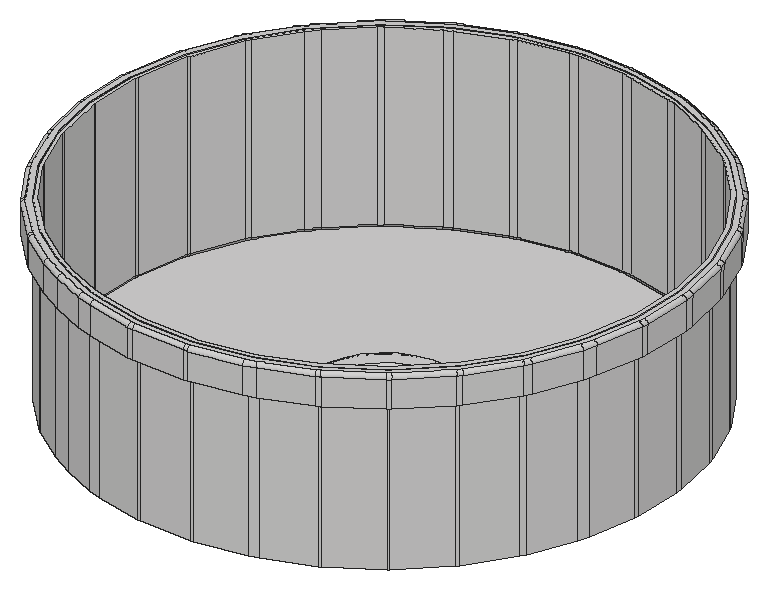
Revit family "Sink-Top_Mount-Kitchen-KOHLER-Brinx-K-3674_1", category Plumbing Fixtures, host Face, Revit 2021 (continued)
Definition of nested family "K-3674"
  Lines and regions (in)
    symbolic lines, detail levels medium+fine
      curve 118: line (0, -6.89537, 0.51345) -> (0, -6.89537, 5.33071)
      curve 119: line (0, -5.69986, 5.33071) -> (0, -5.69986, 0.51345)
      curve 120: line (0, -5.65017, 0.51345) -> (0, -5.65017, 5.33071)
      curve 121: line (0, -4.24569, 5.33071) -> (0, -4.24569, 0.51345)
      curve 122: line (0, -4.19251, 0.51345) -> (0, -4.19251, 5.33071)
      curve 123: line (0, -2.56644, 5.33071) -> (0, -2.56644, 0.51345)
      curve 124: line (0, -2.62569, 0.51345) -> (0, -2.62569, 5.33071)
      curve 125: line (0, -0.90814, 5.33071) -> (0, -0.90814, 0.51345)
      curve 126: line (0, -0.84515, 0.51345) -> (0, -0.84515, 5.30863)
      curve 127: arc (0, -8.55079, 0.51345) -> (0, -8.54084, 0.47942) -> (0, -8.51412, 0.45611) r 0.06317
      curve 128: arc (0, -8.52733, 0.45611) -> (0, -8.55809, 0.47775) -> (0, -8.56989, 0.51345) r 0.05991
      curve 129: arc (0, -6.8695, 0.45611) -> (0, -6.88861, 0.482) -> (0, -6.89537, 0.51345) r 0.07648
      curve 130: arc (0, -6.93643, 0.51345) -> (0, -6.92281, 0.47603) -> (0, -6.88834, 0.45611) r 0.05823
      curve 131: arc (0, -5.61653, 0.45611) -> (0, -5.64114, 0.48021) -> (0, -5.65017, 0.51345) r 0.06569
      curve 132: arc (0, -5.69986, 0.51345) -> (0, -5.69145, 0.48072) -> (0, -5.66829, 0.45611) r 0.06785
      curve 133: arc (0, -4.16812, 0.45611) -> (0, -4.18616, 0.4823) -> (0, -4.19251, 0.51345) r 0.0796
      curve 134: arc (0, -4.24569, 0.51345) -> (0, -4.23347, 0.47736) -> (0, -4.20183, 0.45611) r 0.05941
      curve 135: arc (0, -2.61238, 0.45611) -> (0, -2.62232, 0.48402) -> (0, -2.62569, 0.51345) r 0.13022
      curve 136: arc (0, -2.56644, 0.51345) -> (0, -2.56342, 0.48417) -> (0, -2.5545, 0.45611) r 0.14368
      curve 137: arc (0, -0.90814, 0.51345) -> (0, -0.90599, 0.48446) -> (0, -0.8996, 0.45611) r 0.19684
      curve 138: arc (0, -0.83728, 0.45611) -> (0, -0.84317, 0.48451) -> (0, -0.84515, 0.51345) r 0.2127
      curve 139: line (0, 1.9334, -1.38461) -> (0, 1.45217, -1.38461)
      curve 140: line (0, -1.56995, -1.29972) -> (0, -1.81562, -1.29972)
      curve 141: line (0, -1.45217, -1.38461) -> (0, -1.9334, -1.38461)
      curve 142: line (0, 1.19823, -1.32518) -> (0, -1.19823, -1.32518)
      curve 143: line (0, -0.93536, -1.69651) -> (0, 0.93536, -1.69651)
      curve 144: line (9.33071, 0, 6.26622) -> (-9.33061, 0, 6.26622)
      curve 145: line (-8.90609, 0, 5.33071) -> (8.90609, 0, 5.33071)
      curve 146: line (-8.90609, 0, 0.5174) -> (8.90609, 0, 0.5174)
      curve 147: line (8.84809, 0, 0.45608) -> (-8.84126, 0, 0.45608)
      curve 148: line (-1.83157, 0, 0.00011) -> (1.83157, 0, 0.00011)
      curve 149: line (-1.64333, 0, -0.12489) -> (1.64333, 0, -0.12489)
      curve 150: line (-1.64872, 0, -0.17416) -> (1.64872, 0, -0.17416)
      curve 151: line (1.64808, 0, -0.22345) -> (-1.64808, 0, -0.22345)
      curve 152: line (-1.64135, 0, -0.27246) -> (1.64135, 0, -0.27246)
      curve 153: line (1.64502, 0, -0.32291) -> (-1.64502, 0, -0.32291)
      curve 154: line (-1.65471, 0, -0.36489) -> (1.65471, 0, -0.36489)
      curve 155: line (-1.70153, 0, -0.48489) -> (1.70153, 0, -0.48489)
      curve 156: line (1.64887, 0, -0.52176) -> (-1.64887, 0, -0.52176)
      curve 157: line (-1.6492, 0, -0.57027) -> (-1.09101, 0, -0.57027)
      curve 158: line (-1.64883, 0, -0.62489) -> (1.64883, 0, -0.62489)
      curve 159: line (1.83225, 0, -0.92475) -> (1.83225, 0, -0.62489)
      curve 160: line (2.07748, 0, -0.92475) -> (2.0772, 0, -0.62489)
      curve 161: line (1.83225, 0, -1.29999) -> (2.07748, 0, -1.29999)
      curve 162: line (2.19827, 0, -1.38199) -> (1.71367, 0, -1.38199)
      curve 163: line (-1.65567, 0, -0.92475) -> (1.65567, 0, -0.92475)
      curve 164: line (2.24888, 0, -0.69128) -> (-2.24888, 0, -0.69128)
      curve 165: line (-1.64574, 0, -0.96411) -> (-1.10033, 0, -0.96411)
      curve 166: line (1.64805, 0, -1.01557) -> (-0.85479, 0, -1.01557)
      curve 167: line (-1.64994, 0, -1.06565) -> (-1.10033, 0, -1.06565)
      curve 168: line (-0.88096, 0, -1.98966) -> (0.88096, 0, -1.98966)
      curve 169: line (0.8767, 0, -2.06776) -> (-0.8767, 0, -2.06776)
      curve 170: line (-0.90876, 0, -2.1248) -> (0.90876, 0, -2.1248)
      curve 171: line (-0.94691, 0, -2.44014) -> (0.94691, 0, -2.44014)
      curve 172: line (0.99265, 0, -2.18288) -> (-0.99265, 0, -2.18288)
      curve 173: line (-0.94142, 0, -2.50291) -> (0.94142, 0, -2.50291)
      curve 174: line (-0.73642, 0, -1.29947) -> (-0.73642, 0, -1.3823)
      curve 175: line (-1.00508, 0, -1.46784) -> (-0.82197, 0, -1.46784)
      curve 176: arc (-0.82197, 0, -1.46784) -> (-0.76148, 0, -1.44279) -> (-0.73642, 0, -1.3823) r 0.08554
      curve 177: line (-1.21888, 0, -1.29947) -> (-0.73642, 0, -1.29947)
      curve 178: line (-1.10033, 0, -1.29947) -> (-1.10033, 0, -0.92475)
      curve 179: line (-0.85479, 0, -0.92475) -> (-0.85479, 0, -1.29947)
      curve 180: line (-0.85479, 0, -0.96411) -> (1.64574, 0, -0.96411)
      curve 181: line (-1.10033, 0, -1.01557) -> (-1.64805, 0, -1.01557)
      curve 182: line (-0.85479, 0, -1.06565) -> (1.64994, 0, -1.06565)
      curve 183: line (-1.10066, 0, -0.57992) -> (-1.10066, 0, -0.62489)
      curve 184: line (-0.85539, 0, -0.57992) -> (-0.85539, 0, -0.62489)
      curve 185: line (-1.07036, 0, -0.54961) -> (-0.88213, 0, -0.54961)
      curve 186: line (-1.07036, 0, -0.54961) -> (-1.10066, 0, -0.57992)
      curve 187: line (-0.88213, 0, -0.54961) -> (-0.85539, 0, -0.57992)
      curve 188: line (-1.10066, 0, -0.57992) -> (-0.85539, 0, -0.57992)
      curve 189: line (-0.8639, 0, -0.57027) -> (1.6492, 0, -0.57027)
      curve 190: line (-1.55555, 0, -1.19294) -> (-1.10033, 0, -1.19294)
      curve 191: line (-0.85479, 0, -1.19294) -> (1.55555, 0, -1.19294)
      curve 192: line (1.18548, 0, -1.33078) -> (-0.73642, 0, -1.33078)
      curve 193: line (-0.92924, 0, -1.68611) -> (0.92924, 0, -1.68611)
      curve 194: line (-1.21888, 0, -1.29947) -> (-1.21888, 0, -1.34448)
      curve 195: line (-0.73642, 0, -1.3823) -> (-1.21888, 0, -1.3823)
      curve 196: line (-2.25972, 0, 0.22197) -> (2.25972, 0, 0.22197)
      curve 197: line (-2.23043, 0, 0.2068) -> (2.23043, 0, 0.2068)
      curve 198: line (-8.99134, 0, 6.26622) -> (-8.99134, 0, 5.33071)
      curve 199: line (-8.94175, 0, 6.26622) -> (-8.94175, 0, 5.33071)
      curve 200: arc (-8.93958, 0, 6.33071) -> (-8.9768, 0, 6.30757) -> (-8.99134, 0, 6.26622) r 0.06605
      curve 201: arc (-8.89856, 0, 6.33071) -> (-8.92995, 0, 6.30503) -> (-8.94175, 0, 6.26622) r 0.06974
      curve 202: line (-8.30136, 0, 6.26622) -> (-8.30136, 0, 5.33071)
      curve 203: line (-8.22239, 0, 6.26622) -> (-8.22239, 0, 5.33071)
      curve 204: arc (-8.25531, 0, 6.33071) -> (-8.28867, 0, 6.30584) -> (-8.30136, 0, 6.26622) r 0.06818
      curve 205: arc (-8.18082, 0, 6.33071) -> (-8.2111, 0, 6.30458) -> (-8.22239, 0, 6.26622) r 0.07081
      curve 206: line (-7.29591, 0, 6.26622) -> (-7.29591, 0, 5.33071)
      curve 207: line (-7.18492, 0, 6.26622) -> (-7.18492, 0, 5.33071)
      curve 208: arc (-7.25679, 0, 6.33071) -> (-7.28536, 0, 6.30393) -> (-7.29591, 0, 6.26622) r 0.07271
      curve 209: arc (-7.1502, 0, 6.33071) -> (-7.17569, 0, 6.30284) -> (-7.18492, 0, 6.26622) r 0.07725
      curve 210: line (-6.00382, 0, 6.26622) -> (-6.00382, 0, 5.33071)
      curve 211: line (-5.87281, 0, 6.26622) -> (-5.87281, 0, 5.33071)
      curve 212: arc (-5.96739, 0, 6.33071) -> (-5.99408, 0, 6.30325) -> (-6.00382, 0, 6.26622) r 0.0753
      curve 213: arc (-5.84594, 0, 6.33071) -> (-5.86582, 0, 6.30115) -> (-5.87281, 0, 6.26622) r 0.09084
      curve 214: line (-4.48684, 0, 6.26622) -> (-4.48684, 0, 5.33071)
      curve 215: line (-4.33807, 0, 6.26622) -> (-4.33807, 0, 5.33071)
      curve 216: arc (-4.45482, 0, 6.33071) -> (-4.4784, 0, 6.30222) -> (-4.48684, 0, 6.26622) r 0.08094
      curve 217: arc (-4.32432, 0, 6.33071) -> (-4.3346, 0, 6.29919) -> (-4.33807, 0, 6.26622) r 0.15807
      curve 218: line (-2.80373, 0, 5.33071) -> (-2.80373, 0, 6.26622)
      curve 219: line (-2.65209, 0, 5.33071) -> (-2.65209, 0, 6.26622)
      curve 220: arc (-2.80373, 0, 6.26622) -> (-2.79922, 0, 6.29966) -> (-2.78603, 0, 6.33071) r 0.1263
      curve 221: arc (-2.65209, 0, 6.26622) -> (-2.64864, 0, 6.29918) -> (-2.63844, 0, 6.33071) r 0.15918
      curve 222: line (-0.98425, 0, 5.33071) -> (-0.98425, 0, 6.26622)
      curve 223: line (-0.84743, 0, 5.33071) -> (-0.84743, 0, 6.26622)
      curve 224: arc (-0.98425, 0, 6.26622) -> (-0.97596, 0, 6.30211) -> (-0.95275, 0, 6.33071) r 0.08176
      curve 225: arc (-0.84743, 0, 6.26622) -> (-0.84344, 0, 6.29941) -> (-0.8317, 0, 6.33071) r 0.14007
      curve 226: line (8.99134, 0, 6.26622) -> (8.99134, 0, 5.33071)
      curve 227: line (8.94175, 0, 6.26622) -> (8.94175, 0, 5.33071)
      curve 228: arc (8.93958, 0, 6.33071) -> (8.9768, 0, 6.30757) -> (8.99134, 0, 6.26622) r 0.06605
      curve 229: arc (8.89856, 0, 6.33071) -> (8.92995, 0, 6.30503) -> (8.94175, 0, 6.26622) r 0.06974
      curve 230: line (8.30136, 0, 6.26622) -> (8.30136, 0, 5.33071)
      curve 231: line (8.22239, 0, 6.26622) -> (8.22239, 0, 5.33071)
      curve 232: arc (8.25531, 0, 6.33071) -> (8.28867, 0, 6.30584) -> (8.30136, 0, 6.26622) r 0.06818
      curve 233: arc (8.18082, 0, 6.33071) -> (8.2111, 0, 6.30458) -> (8.22239, 0, 6.26622) r 0.07081
      curve 234: line (7.29591, 0, 6.26622) -> (7.29591, 0, 5.33071)
      curve 235: line (7.18492, 0, 6.26622) -> (7.18492, 0, 5.33071)
      curve 236: arc (7.25679, 0, 6.33071) -> (7.28536, 0, 6.30393) -> (7.29591, 0, 6.26622) r 0.07271
      curve 237: arc (7.1502, 0, 6.33071) -> (7.17569, 0, 6.30284) -> (7.18492, 0, 6.26622) r 0.07725
      curve 238: line (6.00382, 0, 6.26622) -> (6.00382, 0, 5.33071)
      curve 239: line (5.87281, 0, 6.26622) -> (5.87281, 0, 5.33071)
      curve 240: arc (5.96739, 0, 6.33071) -> (5.99408, 0, 6.30325) -> (6.00382, 0, 6.26622) r 0.0753
      curve 241: arc (5.84594, 0, 6.33071) -> (5.86582, 0, 6.30115) -> (5.87281, 0, 6.26622) r 0.09084
      curve 242: line (4.48684, 0, 6.26622) -> (4.48684, 0, 5.33071)
      curve 243: line (4.33807, 0, 6.26622) -> (4.33807, 0, 5.33071)
      curve 244: arc (4.45482, 0, 6.33071) -> (4.4784, 0, 6.30222) -> (4.48684, 0, 6.26622) r 0.08094
      curve 245: arc (4.32432, 0, 6.33071) -> (4.3346, 0, 6.29919) -> (4.33807, 0, 6.26622) r 0.15807
      curve 246: line (2.80373, 0, 5.33071) -> (2.80373, 0, 6.26622)
      curve 247: line (2.65209, 0, 5.33071) -> (2.65209, 0, 6.26622)
      curve 248: arc (2.80373, 0, 6.26622) -> (2.79922, 0, 6.29966) -> (2.78603, 0, 6.33071) r 0.1263
      curve 249: arc (2.65209, 0, 6.26622) -> (2.64864, 0, 6.29918) -> (2.63844, 0, 6.33071) r 0.15918
      curve 250: line (0.98425, 0, 5.33071) -> (0.98425, 0, 6.26622)
      curve 251: line (0.84743, 0, 5.33071) -> (0.84743, 0, 6.26622)
      curve 252: arc (0.98425, 0, 6.26622) -> (0.97596, 0, 6.30211) -> (0.95275, 0, 6.33071) r 0.08176
      curve 253: arc (0.84743, 0, 6.26622) -> (0.84344, 0, 6.29941) -> (0.8317, 0, 6.33071) r 0.14007
      curve 254: line (-8.57058, 0, 0.5174) -> (-8.57058, 0, 5.33071)
      curve 255: line (-8.55004, 0, 5.33071) -> (-8.55004, 0, 0.5174)
      curve 256: arc (-8.55004, 0, 0.5174) -> (-8.54707, 0, 0.48618) -> (-8.53825, 0, 0.45608) r 0.16533
      curve 257: arc (-8.55289, 0, 0.45608) -> (-8.56607, 0, 0.48549) -> (-8.57058, 0, 0.5174) r 0.1151
      curve 258: line (-7.90497, 0, 0.5174) -> (-7.90497, 0, 5.33071)
      curve 259: line (-7.87439, 0, 5.33071) -> (-7.87439, 0, 0.5174)
      curve 260: line (-6.93759, 0, 0.5174) -> (-6.93759, 0, 5.33071)
      curve 261: line (-6.89348, 0, 5.33071) -> (-6.89348, 0, 0.5174)
      curve 262: line (-5.70053, 0, 5.33071) -> (-5.70053, 0, 0.5174)
      curve 263: line (-5.65016, 0, 0.5174) -> (-5.65016, 0, 5.33071)
      curve 264: line (-4.2448, 0, 5.33071) -> (-4.2448, 0, 0.5174)
      curve 265: line (-4.18833, 0, 0.5174) -> (-4.18833, 0, 5.3654)
      curve 266: line (-2.6282, 0, 0.5174) -> (-2.6282, 0, 5.33071)
      curve 267: line (-2.56618, 0, 5.33071) -> (-2.56618, 0, 0.5174)
      curve 268: line (-0.90824, 0, 0.5174) -> (-0.90824, 0, 5.33071)
      curve 269: line (-0.84743, 0, 5.33071) -> (-0.84743, 0, 0.5174)
      curve 270: arc (-7.8794, 0, 0.45608) -> (-7.89832, 0, 0.48418) -> (-7.90497, 0, 0.5174) r 0.0863
      curve 271: arc (-7.87439, 0, 0.5174) -> (-7.86899, 0, 0.48498) -> (-7.85336, 0, 0.45608) r 0.09988
      curve 272: arc (-6.89348, 0, 0.5174) -> (-6.88816, 0, 0.48504) -> (-6.87277, 0, 0.45608) r 0.10113
      curve 273: arc (-6.90718, 0, 0.45608) -> (-6.92957, 0, 0.48318) -> (-6.93759, 0, 0.5174) r 0.07703
      curve 274: arc (-5.62592, 0, 0.45608) -> (-5.64388, 0, 0.48443) -> (-5.65016, 0, 0.5174) r 0.08968
      curve 275: arc (-5.70053, 0, 0.5174) -> (-5.69007, 0, 0.48116) -> (-5.66191, 0, 0.45608) r 0.06799
      curve 276: arc (-4.17265, 0, 0.45608) -> (-4.18435, 0, 0.48575) -> (-4.18833, 0, 0.5174) r 0.12776
      curve 277: arc (-4.2448, 0, 0.5174) -> (-4.23715, 0, 0.48345) -> (-4.21568, 0, 0.45608) r 0.0791
      curve 278: arc (-2.56618, 0, 0.5174) -> (-2.55713, 0, 0.48235) -> (-2.53224, 0, 0.45608) r 0.07236
      curve 279: arc (-2.59326, 0, 0.45608) -> (-2.61885, 0, 0.48211) -> (-2.6282, 0, 0.5174) r 0.07128
      curve 280: arc (-0.84743, 0, 0.5174) -> (-0.84233, 0, 0.48516) -> (-0.82751, 0, 0.45608) r 0.10431
      curve 281: arc (-0.88688, 0, 0.45608) -> (-0.90275, 0, 0.48493) -> (-0.90824, 0, 0.5174) r 0.09867
      curve 282: line (8.57058, 0, 0.5174) -> (8.57058, 0, 5.33071)
      curve 283: line (8.55004, 0, 5.33071) -> (8.55004, 0, 0.5174)
      curve 284: arc (8.55004, 0, 0.5174) -> (8.54707, 0, 0.48618) -> (8.53825, 0, 0.45608) r 0.16533
      curve 285: arc (8.55289, 0, 0.45608) -> (8.56607, 0, 0.48549) -> (8.57058, 0, 0.5174) r 0.1151
      curve 286: line (7.90497, 0, 0.5174) -> (7.90497, 0, 5.33071)
      curve 287: line (7.87439, 0, 5.33071) -> (7.87439, 0, 0.5174)
      curve 288: line (6.93759, 0, 0.5174) -> (6.93759, 0, 5.33071)
      curve 289: line (6.89348, 0, 5.33071) -> (6.89348, 0, 0.5174)
      curve 290: line (5.70053, 0, 5.33071) -> (5.70053, 0, 0.5174)
      curve 291: line (5.65016, 0, 0.5174) -> (5.65016, 0, 5.33071)
      curve 292: line (4.2448, 0, 5.33071) -> (4.2448, 0, 0.5174)
      curve 293: line (4.18833, 0, 0.5174) -> (4.18833, 0, 5.3654)
      curve 294: line (2.6282, 0, 0.5174) -> (2.6282, 0, 5.33071)
      curve 295: line (2.56618, 0, 5.33071) -> (2.56618, 0, 0.5174)
      curve 296: line (0.90824, 0, 0.5174) -> (0.90824, 0, 5.33071)
      curve 297: line (0.84743, 0, 5.33071) -> (0.84743, 0, 0.5174)
      curve 298: arc (7.8794, 0, 0.45608) -> (7.89832, 0, 0.48418) -> (7.90497, 0, 0.5174) r 0.0863
      curve 299: arc (7.87439, 0, 0.5174) -> (7.86899, 0, 0.48498) -> (7.85336, 0, 0.45608) r 0.09988
      curve 300: arc (6.89348, 0, 0.5174) -> (6.88816, 0, 0.48504) -> (6.87277, 0, 0.45608) r 0.10113
      curve 301: arc (6.90718, 0, 0.45608) -> (6.92957, 0, 0.48318) -> (6.93759, 0, 0.5174) r 0.07703
      curve 302: arc (5.62592, 0, 0.45608) -> (5.64388, 0, 0.48443) -> (5.65016, 0, 0.5174) r 0.08968
      curve 303: arc (5.70053, 0, 0.5174) -> (5.69007, 0, 0.48116) -> (5.66191, 0, 0.45608) r 0.06799
      curve 304: arc (4.17265, 0, 0.45608) -> (4.18435, 0, 0.48575) -> (4.18833, 0, 0.5174) r 0.12776
      curve 305: arc (4.2448, 0, 0.5174) -> (4.23715, 0, 0.48345) -> (4.21568, 0, 0.45608) r 0.0791
      curve 306: arc (2.56618, 0, 0.5174) -> (2.55713, 0, 0.48235) -> (2.53224, 0, 0.45608) r 0.07236
      curve 307: arc (2.59326, 0, 0.45608) -> (2.61885, 0, 0.48211) -> (2.6282, 0, 0.5174) r 0.07128
      curve 308: arc (0.84743, 0, 0.5174) -> (0.84233, 0, 0.48516) -> (0.82751, 0, 0.45608) r 0.10431
      curve 309: arc (0.88688, 0, 0.45608) -> (0.90275, 0, 0.48493) -> (0.90824, 0, 0.5174) r 0.09867
      curve 346: line (-5.9409, 7.14385, 0) -> (-7.16225, 5.9225, 0)
      curve 347: arc (-7.16225, 5.9225, 0) -> (-7.18458, 5.89786, 0) -> (-7.2044, 5.87115, 0) r 0.33929
      curve 348: line (-7.2044, 5.87115, 0) -> (-8.17641, 4.41719, 0)
      curve 349: arc (-8.17641, 4.41719, 0) -> (-8.19641, 4.38383, 0) -> (-8.21305, 4.34868, 0) r 0.39594
      curve 350: line (-8.21305, 4.34868, 0) -> (-8.87862, 2.7422, 0)
      curve 351: arc (-8.87862, 2.7422, 0) -> (-8.89387, 2.69957, 0) -> (-8.90488, 2.65564, 0) r 0.46145
      curve 352: line (-8.90488, 2.65564, 0) -> (-9.24337, 0.95475, 0)
      curve 353: arc (-9.24337, 0.95475, 0) -> (-9.24981, 0.91133, 0) -> (-9.25197, 0.8675, 0) r 0.44701
      curve 354: line (-9.25197, 0.8675, 0) -> (-9.25197, -0.8675, 0)
      curve 355: arc (-9.25197, -0.8675, 0) -> (-9.24981, -0.91133, 0) -> (-9.24337, -0.95475, 0) r 0.44701
      curve 356: line (-9.24337, -0.95475, 0) -> (-8.90488, -2.65564, 0)
      curve 357: arc (-8.90488, -2.65564, 0) -> (-8.89387, -2.69957, 0) -> (-8.87862, -2.7422, 0) r 0.46145
      curve 358: line (-8.87862, -2.7422, 0) -> (-8.21305, -4.34868, 0)
      curve 359: arc (-8.21305, -4.34868, 0) -> (-8.19641, -4.38383, 0) -> (-8.17641, -4.41719, 0) r 0.39594
      curve 360: line (-8.17641, -4.41719, 0) -> (-7.2044, -5.87115, 0)
      curve 361: arc (-7.2044, -5.87115, 0) -> (-7.18458, -5.89786, 0) -> (-7.16225, -5.9225, 0) r 0.33929
      curve 362: line (-7.16225, -5.9225, 0) -> (-5.9409, -7.14385, 0)
      curve 363: arc (-5.9409, -7.14385, 0) -> (-5.89667, -7.18394, 0) -> (-5.84873, -7.21952, 0) r 0.60954
      curve 364: line (-5.84873, -7.21952, 0) -> (-4.42835, -8.16941, 0)
      curve 365: arc (-4.42835, -8.16941, 0) -> (-4.38426, -8.19586, 0) -> (-4.33777, -8.21784, 0) r 0.52252
      curve 366: line (-4.33777, -8.21784, 0) -> (-2.74227, -8.87846, 0)
      curve 367: arc (-2.74227, -8.87846, 0) -> (-2.69706, -8.89463, 0) -> (-2.65049, -8.90629, 0) r 0.48927
      curve 368: line (-2.65049, -8.90629, 0) -> (-0.95556, -9.2432, 0)
      curve 369: arc (-0.95556, -9.2432, 0) -> (-0.91124, -9.24977, 0) -> (-0.86649, -9.25197, 0) r 0.45683
      curve 370: line (-0.86649, -9.25197, 0) -> (0.86597, -9.25197, 0)
      curve 371: arc (0.86597, -9.25197, 0) -> (0.91091, -9.24976, 0) -> (0.95541, -9.24316, 0) r 0.45825
      curve 372: line (0.95541, -9.24316, 0) -> (2.65524, -8.90488, 0)
      curve 373: arc (2.65524, -8.90488, 0) -> (2.69931, -8.89385, 0) -> (2.74208, -8.87855, 0) r 0.46342
      curve 374: line (2.74208, -8.87855, 0) -> (4.33777, -8.21784, 0)
      curve 375: arc (4.33777, -8.21784, 0) -> (4.38426, -8.19586, 0) -> (4.42835, -8.16941, 0) r 0.52252
      curve 376: line (4.42835, -8.16941, 0) -> (5.84873, -7.21952, 0)
      curve 377: arc (5.84873, -7.21952, 0) -> (5.89667, -7.18394, 0) -> (5.9409, -7.14385, 0) r 0.60954
      curve 378: line (5.9409, -7.14385, 0) -> (7.16225, -5.9225, 0)
      curve 379: arc (7.16225, -5.9225, 0) -> (7.18458, -5.89786, 0) -> (7.2044, -5.87115, 0) r 0.33929
      curve 380: line (7.2044, -5.87115, 0) -> (8.17641, -4.41719, 0)
      curve 381: arc (8.17641, -4.41719, 0) -> (8.19641, -4.38383, 0) -> (8.21305, -4.34868, 0) r 0.39594
      curve 382: line (8.21305, -4.34868, 0) -> (8.87862, -2.7422, 0)
      curve 383: arc (8.87862, -2.7422, 0) -> (8.89387, -2.69957, 0) -> (8.90488, -2.65564, 0) r 0.46145
      curve 384: line (8.90488, -2.65564, 0) -> (9.24337, -0.95475, 0)
      curve 385: arc (9.24337, -0.95475, 0) -> (9.24981, -0.91133, 0) -> (9.25197, -0.8675, 0) r 0.44701
      curve 386: line (9.25197, -0.8675, 0) -> (9.25197, 0.8675, 0)
      curve 387: arc (9.25197, 0.8675, 0) -> (9.24981, 0.91133, 0) -> (9.24337, 0.95475, 0) r 0.44701
      curve 388: line (9.24337, 0.95475, 0) -> (8.90488, 2.65564, 0)
      curve 389: arc (8.90488, 2.65564, 0) -> (8.89387, 2.69957, 0) -> (8.87862, 2.7422, 0) r 0.46145
      curve 390: line (8.87862, 2.7422, 0) -> (8.21305, 4.34868, 0)
      curve 391: arc (8.21305, 4.34868, 0) -> (8.19641, 4.38383, 0) -> (8.17641, 4.41719, 0) r 0.39594
      curve 392: line (8.17641, 4.41719, 0) -> (7.2044, 5.87115, 0)
      curve 393: arc (7.2044, 5.87115, 0) -> (7.18458, 5.89786, 0) -> (7.16225, 5.9225, 0) r 0.33929
      curve 394: line (7.16225, 5.9225, 0) -> (5.9409, 7.14385, 0)
      curve 395: arc (5.9409, 7.14385, 0) -> (5.89667, 7.18394, 0) -> (5.84873, 7.21952, 0) r 0.60954
      curve 396: line (5.84873, 7.21952, 0) -> (4.42835, 8.16941, 0)
      curve 397: arc (4.42835, 8.16941, 0) -> (4.39072, 8.19234, 0) -> (4.35128, 8.21202, 0) r 0.52252
      curve 398: line (4.35128, 8.21202, 0) -> (2.74213, 8.87852, 0)
      curve 399: arc (2.74213, 8.87852, 0) -> (2.69933, 8.89384, 0) -> (2.65524, 8.90488, 0) r 0.46342
      curve 400: line (2.65524, 8.90488, 0) -> (0.95541, 9.24316, 0)
      curve 401: arc (0.95541, 9.24316, 0) -> (0.91091, 9.24976, 0) -> (0.86597, 9.25197, 0) r 0.45825
      curve 402: line (0.86597, 9.25197, 0) -> (-0.86649, 9.25197, 0)
      curve 403: arc (-0.86649, 9.25197, 0) -> (-0.91124, 9.24977, 0) -> (-0.95556, 9.2432, 0) r 0.45683
      curve 404: line (-0.95556, 9.2432, 0) -> (-2.65049, 8.90629, 0)
      curve 405: arc (-2.65049, 8.90629, 0) -> (-2.69706, 8.89463, 0) -> (-2.74227, 8.87846, 0) r 0.48927
      curve 406: line (-2.74227, 8.87846, 0) -> (-4.33777, 8.21784, 0)
      curve 407: arc (-4.33777, 8.21784, 0) -> (-4.38426, 8.19586, 0) -> (-4.42835, 8.16941, 0) r 0.52252
      curve 408: line (-4.42835, 8.16941, 0) -> (-5.84873, 7.21952, 0)
      curve 409: arc (-5.84873, 7.21952, 0) -> (-5.89667, 7.18394, 0) -> (-5.9409, 7.14385, 0) r 0.60954
      curve 410: line (-5.59004, 6.7876, 0) -> (-6.79752, 5.58012, 0)
      curve 411: line (-6.79752, 5.58012, 0) -> (-7.75505, 4.14783, 0)
      curve 412: line (-7.75505, 4.14783, 0) -> (-8.41524, 2.55433, 0)
      curve 413: line (-8.41524, 2.55433, 0) -> (-8.75197, 0.86228, 0)
      curve 414: line (-8.75197, 0.86228, 0) -> (-8.75197, -0.86228, 0)
      curve 415: line (-8.75197, -0.86228, 0) -> (-8.41524, -2.55433, 0)
      curve 416: line (-8.41524, -2.55433, 0) -> (-7.75505, -4.14783, 0)
      curve 417: line (-7.75505, -4.14783, 0) -> (-6.79752, -5.58012, 0)
      curve 418: line (-6.79752, -5.58012, 0) -> (-5.58608, -6.79156, 0)
      curve 419: line (5.56693, 6.80647, 0) -> (4.14942, 7.75444, 0)
      curve 420: line (4.14942, 7.75444, 0) -> (2.55412, 8.4152, 0)
      curve 421: line (2.55412, 8.4152, 0) -> (0.86186, 8.75197, 0)
      curve 422: line (0.86186, 8.75197, 0) -> (-0.86224, 8.75197, 0)
      curve 423: line (-0.86224, 8.75197, 0) -> (-2.55197, 8.41609, 0)
      curve 424: line (-2.55197, 8.41609, 0) -> (-4.14855, 7.75502, 0)
      curve 425: line (-4.14855, 7.75502, 0) -> (-5.56762, 6.80601, 0)
      curve 426: arc (-5.56762, 6.80601, 0) -> (-5.57928, 6.79736, 0) -> (-5.59004, 6.7876, 0) r 0.14828
      curve 427: line (-5.57226, -6.8029, 0) -> (-4.14855, -7.75502, 0)
      curve 428: line (-4.14855, -7.75502, 0) -> (-2.55197, -8.41609, 0)
      curve 429: line (-2.55197, -8.41609, 0) -> (-0.86224, -8.75197, 0)
      curve 430: line (-0.86224, -8.75197, 0) -> (0.86186, -8.75197, 0)
      curve 431: line (0.86186, -8.75197, 0) -> (2.55412, -8.4152, 0)
      curve 432: line (2.55412, -8.4152, 0) -> (4.14855, -7.75502, 0)
      curve 433: line (4.14855, -7.75502, 0) -> (5.56227, -6.80958, 0)
      curve 434: line (5.59458, -6.78306, 0) -> (6.79752, -5.58012, 0)
      curve 435: line (6.79752, -5.58012, 0) -> (7.75505, -4.14783, 0)
      curve 436: line (7.75505, -4.14783, 0) -> (8.41524, -2.55433, 0)
      curve 437: line (8.41524, -2.55433, 0) -> (8.75197, -0.86228, 0)
      curve 438: line (8.75197, -0.86228, 0) -> (8.75197, 0.86228, 0)
      curve 439: line (8.75197, 0.86228, 0) -> (8.41524, 2.55433, 0)
      curve 440: line (8.41524, 2.55433, 0) -> (7.75505, 4.14783, 0)
      curve 441: line (7.75505, 4.14783, 0) -> (6.79752, 5.58012, 0)
      curve 442: line (6.79752, 5.58012, 0) -> (5.59062, 6.78702, 0)
      curve 443: arc (-5.58608, -6.79156, 0) -> (-5.57945, -6.79757, 0) -> (-5.57226, -6.8029, 0) r 0.0914
      curve 444: arc (5.56227, -6.80958, 0) -> (5.57908, -6.79711, 0) -> (5.59458, -6.78306, 0) r 0.21367
      curve 445: arc (5.59062, 6.78702, 0) -> (5.57925, 6.79733, 0) -> (5.56693, 6.80647, 0) r 0.15664
      curve 446: circle (0, 0, 0) r 2.29305 normal (0, 0, 1)
      curve 447: circle (0, 0, 0) r 2.20019 normal (0, 0, 1)
      curve 449: circle (0, 0, 0) r 1.74999 normal (0, 0, 1)
      curve 450: circle (0, 1.28105, 0) r 0.09753 normal (0, 0, 1)
      curve 451: circle (0.28817, 1.24822, 0) r 0.09753 normal (0, 0, 1)
      curve 452: circle (0.55717, 1.15612, 0) r 0.09753 normal (0, 0, 1)
      curve 453: circle (0.8005, 0.99098, 0) r 0.09753 normal (0, 0, 1)
      curve 454: circle (1.01573, 0.79269, 0) r 0.09753 normal (0, 0, 1)
      curve 455: circle (1.15702, 0.56689, 0) r 0.09753 normal (0, 0, 1)
      curve 456: circle (1.2569, 0.28331, 0) r 0.09753 normal (0, 0, 1)
      curve 457: circle (1.28839, -0.01029, 0) r 0.09753 normal (0, 0, 1)
      curve 458: circle (-0.55717, 1.15612, 0) r 0.09753 normal (0, 0, -1)
      curve 459: circle (-0.8005, 0.99098, 0) r 0.09753 normal (0, 0, -1)
      curve 460: circle (-1.01573, 0.79269, 0) r 0.09753 normal (0, 0, -1)
      curve 461: circle (-1.15702, 0.56689, 0) r 0.09753 normal (0, 0, -1)
      curve 462: circle (-1.2569, 0.28331, 0) r 0.09753 normal (0, 0, -1)
      curve 463: circle (-1.28839, -0.01029, 0) r 0.09753 normal (0, 0, -1)
      curve 464: circle (-0.28817, 1.24822, 0) r 0.09753 normal (0, 0, -1)
      curve 465: circle (0, -1.28105, 0) r 0.09753 normal (0, 0, -1)
      curve 466: circle (0.28817, -1.24822, 0) r 0.09753 normal (0, 0, -1)
      curve 467: circle (0.55717, -1.15612, 0) r 0.09753 normal (0, 0, -1)
      curve 468: circle (0.8005, -0.99098, 0) r 0.09753 normal (0, 0, -1)
      curve 469: circle (1.01573, -0.79269, 0) r 0.09753 normal (0, 0, -1)
      curve 470: circle (1.15702, -0.56689, 0) r 0.09753 normal (0, 0, -1)
      curve 471: circle (1.2569, -0.28331, 0) r 0.09753 normal (0, 0, -1)
      curve 472: circle (-0.55717, -1.15612, 0) r 0.09753 normal (0, 0, 1)
      curve 473: circle (-0.8005, -0.99098, 0) r 0.09753 normal (0, 0, 1)
      curve 474: circle (-1.01573, -0.79269, 0) r 0.09753 normal (0, 0, 1)
      curve 475: circle (-1.15702, -0.56689, 0) r 0.09753 normal (0, 0, 1)
      curve 476: circle (-1.2569, -0.28331, 0) r 0.09753 normal (0, 0, 1)
      curve 477: circle (-0.28817, -1.24822, 0) r 0.09753 normal (0, 0, 1)
      curve 478: circle (0, 0.95877, 0) r 0.09905 normal (0, 0, 1)
      curve 479: circle (0.29628, 0.91185, 0) r 0.09905 normal (0, 0, 1)
      curve 480: circle (0.56355, 0.77566, 0) r 0.09905 normal (0, 0, 1)
      curve 481: circle (0.76571, 0.577, 0) r 0.09905 normal (0, 0, 1)
      curve 482: circle (0.91185, 0.29628, 0) r 0.09905 normal (0, 0, 1)
      curve 483: circle (0.95877, -0.00333, 0) r 0.09905 normal (0, 0, 1)
      curve 484: circle (-0.29628, 0.91185, 0) r 0.09905 normal (0, 0, -1)
      curve 485: circle (-0.56355, 0.77566, 0) r 0.09905 normal (0, 0, -1)
      curve 486: circle (-0.76571, 0.577, 0) r 0.09905 normal (0, 0, -1)
      curve 487: circle (-0.91185, 0.29628, 0) r 0.09905 normal (0, 0, -1)
      curve 488: circle (-0.95877, -0.00333, 0) r 0.09905 normal (0, 0, -1)
      curve 489: circle (0, -0.95877, 0) r 0.09905 normal (0, 0, -1)
      curve 490: circle (0.29628, -0.91185, 0) r 0.09905 normal (0, 0, -1)
      curve 491: circle (0.56355, -0.77566, 0) r 0.09905 normal (0, 0, -1)
      curve 492: circle (0.76571, -0.577, 0) r 0.09905 normal (0, 0, -1)
      curve 493: circle (0.91185, -0.29628, 0) r 0.09905 normal (0, 0, -1)
      curve 494: circle (-0.29628, -0.91185, 0) r 0.09905 normal (0, 0, 1)
      curve 495: circle (-0.56355, -0.77566, 0) r 0.09905 normal (0, 0, 1)
      curve 496: circle (-0.76571, -0.577, 0) r 0.09905 normal (0, 0, 1)
      curve 497: circle (-0.91185, -0.29628, 0) r 0.09905 normal (0, 0, 1)
      curve 498: circle (0, 0.62898, 0) r 0.09107 normal (0, 0, 1)
      curve 499: circle (0.31449, 0.54471, 0) r 0.09107 normal (0, 0, 1)
      curve 500: circle (0.54473, 0.31446, 0) r 0.09107 normal (0, 0, 1)
      curve 501: circle (0.62894, -0.00689, 0) r 0.09107 normal (0, 0, 1)
      curve 502: circle (-0.31449, 0.54471, 0) r 0.09107 normal (0, 0, -1)
      curve 503: circle (-0.54473, 0.31446, 0) r 0.09107 normal (0, 0, -1)
      curve 504: circle (-0.62894, -0.00689, 0) r 0.09107 normal (0, 0, -1)
      curve 505: circle (0, -0.62898, 0) r 0.09107 normal (0, 0, -1)
      curve 506: circle (0.31449, -0.54471, 0) r 0.09107 normal (0, 0, -1)
      curve 507: circle (0.54473, -0.31446, 0) r 0.09107 normal (0, 0, -1)
      curve 508: circle (-0.31449, -0.54471, 0) r 0.09107 normal (0, 0, 1)
      curve 509: circle (-0.54473, -0.31446, 0) r 0.09107 normal (0, 0, 1)
      curve 510: circle (0, 0, 0) r 0.31049 normal (0, 0, 1)
      curve 511: circle (0, 0, 0) r 0.27623 normal (0, 0, 1)
    symbolic lines
      curve 310: line (-4.18586, 7.8248, 0) -> (-5.61455, 6.86935, 0)
      curve 311: arc (-5.61455, 6.86935, 0) -> (-5.62936, 6.85836, 0) -> (-5.64302, 6.84597, 0) r 0.18828
      curve 312: line (-5.64302, 6.84597, 0) -> (-6.85867, 5.63033, 0)
      curve 313: line (-6.85867, 5.63033, 0) -> (-7.82482, 4.18514, 0)
      curve 314: line (-7.82482, 4.18514, 0) -> (-8.49095, 2.5773, 0)
      curve 315: line (-8.49095, 2.5773, 0) -> (-8.83071, 0.87004, 0)
      curve 316: line (-8.83071, 0.87004, 0) -> (-8.83071, -0.87004, 0)
      curve 317: line (-8.83071, -0.87004, 0) -> (-8.49095, -2.5773, 0)
      curve 318: line (-8.49095, -2.5773, 0) -> (-7.82482, -4.18514, 0)
      curve 319: line (-7.82482, -4.18514, 0) -> (-6.85867, -5.63033, 0)
      curve 320: line (-6.85867, -5.63033, 0) -> (-5.64302, -6.84597, 0)
      curve 321: arc (-5.64302, -6.84597, 0) -> (-5.62936, -6.85836, 0) -> (-5.61455, -6.86935, 0) r 0.18828
      curve 322: line (-5.61455, -6.86935, 0) -> (-4.18586, -7.8248, 0)
      curve 323: line (-4.18586, -7.8248, 0) -> (-2.57493, -8.49181, 0)
      curve 324: line (-2.57493, -8.49181, 0) -> (-0.86999, -8.83071, 0)
      curve 325: line (-0.86999, -8.83071, 0) -> (0.86962, -8.83071, 0)
      curve 326: line (0.86962, -8.83071, 0) -> (2.57709, -8.49092, 0)
      curve 327: line (2.57709, -8.49092, 0) -> (4.18586, -7.8248, 0)
      curve 328: line (4.18586, -7.8248, 0) -> (5.61455, -6.86935, 0)
      curve 329: arc (5.61455, -6.86935, 0) -> (5.62936, -6.85836, 0) -> (5.64302, -6.84597, 0) r 0.18828
      curve 330: line (5.64302, -6.84597, 0) -> (6.85867, -5.63033, 0)
      curve 331: line (6.85867, -5.63033, 0) -> (7.82482, -4.18514, 0)
      curve 332: line (7.82482, -4.18514, 0) -> (8.49095, -2.5773, 0)
      curve 333: line (8.49095, -2.5773, 0) -> (8.83071, -0.87004, 0)
      curve 334: line (8.83071, -0.87004, 0) -> (8.83071, 0.87004, 0)
      curve 335: line (8.83071, 0.87004, 0) -> (8.49095, 2.5773, 0)
      curve 336: line (8.49095, 2.5773, 0) -> (7.82482, 4.18514, 0)
      curve 337: line (7.82482, 4.18514, 0) -> (6.85867, 5.63033, 0)
      curve 338: line (6.85867, 5.63033, 0) -> (5.64302, 6.84597, 0)
      curve 339: arc (5.64302, 6.84597, 0) -> (5.62936, 6.85836, 0) -> (5.61455, 6.86935, 0) r 0.18828
      curve 340: line (5.61455, 6.86935, 0) -> (4.18674, 7.82421, 0)
      curve 341: line (4.18674, 7.82421, 0) -> (2.57709, 8.49092, 0)
      curve 342: line (2.57709, 8.49092, 0) -> (0.86962, 8.83071, 0)
      curve 343: line (0.86962, 8.83071, 0) -> (-0.86999, 8.83071, 0)
      curve 344: line (-0.86999, 8.83071, 0) -> (-2.57493, 8.49181, 0)
      curve 345: line (-2.57493, 8.49181, 0) -> (-4.18586, 7.8248, 0)
      curve 448: circle (0, 0, 0) r 1.81193 normal (0, 0, 1)
  Dimensions and locks (in)
    plane 4 to plane 10 = 1/2"
    plane 6 to plane 7 = 18.66142"
    plane 4 to plane 5 = 18.66142"
    plane 5 to plane 4 = 18.66142"
    plane 8 to level = 6.33071"
    aligned and locked: plane 2 to level
    aligned and locked: Extrusion 13 sketch curve to curve 456
